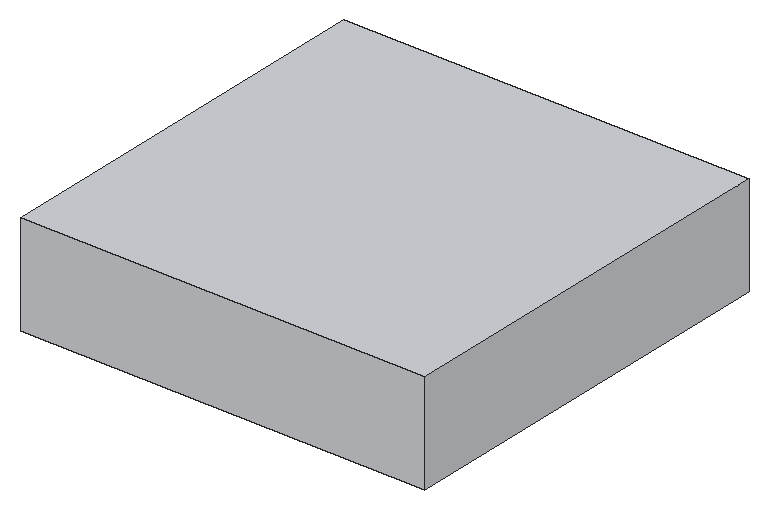
Revit family "2016LBeacon", category Lighting Fixtures, Revit 2017
Family settings
  Round Connector Dimension = Use Diameter
  Part Type = Normal
  OmniClass Number = 23.80.70.00
  OmniClass Title = Lighting
  Work Plane-Based = No
  Always vertical = Yes
  Cut with Voids When Loaded = No
  Light Source = Yes
  Shared = No
  Room Calculation Point = No
Parameters (values of type "60Degree")
  Wattage = 12.1178 W
  built-in parameter 1150110 = 1 (stored number, unit not read)
  built-in parameter 1114217 = 1 (stored number, unit not read)
  built-in parameter 1150109 = 1 (stored number, unit not read)
  built-in parameter 1150134 = (empty or 0)
  built-in parameter 1150113 = 1 (stored number, unit not read)
  Returns_Loss = "-10dB at 50 Ohms"
  Polarization = "Linear (Vertical & Horizontal)"
  Peak_Gain = "around 8 dBi"
  Lumens = 1800 lm
  built-in parameter 1010506 = 1.00° * [3db_Beamwidths]  # 1.0472 (stored number, unit not read)
  built-in parameter 1010507 = 1.00° * [3db_Beamwidths]  # 1.0472 (stored number, unit not read)
  Tilt Angle = 90.00°
  built-in parameter 1150115 = 1 (stored number, unit not read)
  built-in parameter 1150105 = 6018.4 (stored number, unit not read)
  Longitude = ""
  Light Source Symbol Length = 304.8 cm
  built-in parameter 1150137 = (empty or 0)
  built-in parameter 1150139 = (empty or 0)
  Latitude = ""
  built-in parameter 1150112 = 1 (stored number, unit not read)
  built-in parameter 1150114 = 1 (stored number, unit not read)
  built-in parameter 1150132 = 2
  built-in parameter 1150102 = (empty or 0)
  built-in parameter 1150138 = (empty or 0)
  built-in parameter 1150107 = 3000 (stored number, unit not read)
  built-in parameter 1150106 = 60.184 (stored number, unit not read)
  GUID = ""
  Frequency_Coverage = "2.4GHz ISM band"
  Emergency_Instructions = ""
  built-in parameter 1150104 = 13.8 (stored number, unit not read)
  Dimming Lamp Color Temperature Shift = <None>
  Connector = "SMA-Male"
  Color Filter = 16777215
  Cable = "1.37mm diameter with 150mm length"
  built-in parameter 1114218 = 1 (stored number, unit not read)
  built-in parameter 1150133 = 10 (stored number, unit not read)
  Antenna_Type = "Two port square patch directional antenna pair"
  3db_Beamwidths = 60
Types (2, lengths in cm): name | built-in parameter 1010506 | built-in parameter 1010507 | 3db_Beamwidths
  60Degree | 1.0472 (stored number, unit not read) | 1.0472 (stored number, unit not read) | 60
  30Degree | 0.5236 (stored number, unit not read) | 0.5236 (stored number, unit not read) | 30
Reference planes (cm)
  plane 1 "Tilt Plane": y = 0
  plane 2: z = 0
  plane 3 "Light Source Axis (L/R)": x = 0
  plane 4 "Light Source Elevation": z = 0
Forms (cm)
  Extrusion 1, solid
    sketch origin (9.126, 8.7835, 0) x (1, 0, 0) y (0, 1, 0)
      loop
        line (-19.126, 1.2165) -> (-19.126, -18.7835) -> (0.874, -18.7835) -> (0.874, 1.2165) -> (-19.126, 1.2165)
    from 0 to 5
Text (cm)
  text "0 Tilt Angle" at (80.9978, -457.2, 158.6413), in view "Front"
  text "270" at (-33.1585, -457.2, 248.8248), in view "Front"
  text "180" at (-113.068, -457.2, 158.6413), in view "Front"
  text "90" at (-32.0169, -457.2, 45.6265), in view "Front"
  text "0 Tilt Angle" at (195.2354, 457.2, 154.298), in view "Back"
  text "180" at (-87.6627, 457.2, 152.4796), in view "Back"
  text "270" at (36.7014, 457.2, 269.8908), in view "Back"
  text "90" at (30.4215, 457.2, 66.6926), in view "Back"
Dimensions and locks (cm)
  aligned and locked: imposter light to plane 3 "Light Source Axis (L/R)"
  aligned and locked: plane 1 "Tilt Plane" to imposter light
  aligned and locked: plane 4 "Light Source Elevation" to imposter light
  aligned and locked: plane 2 to level
